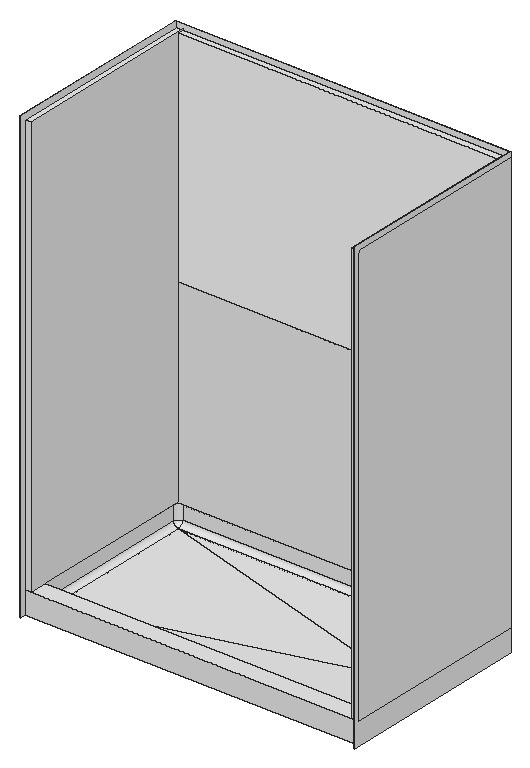
Revit family "5LBS6034FBSQ.V2 L-R", category Plumbing Fixtures, Revit 2019
Family settings
  Round Connector Dimension = Use Diameter
  Part Type = Normal
  OmniClass Number = 23.45.05.14.17
  OmniClass Title = Showers
  Work Plane-Based = No
  Always vertical = Yes
  Cut with Voids When Loaded = No
  Shared = No
  Room Calculation Point = No
Parameters (values of type "5LBS6034SQ.V2")
  Unit Width = 60"
  Unit Height = 80 1/2"
  Unit Depth = 35"
  URL = "http://www.bestbath.com/"
  Type Comments = "Remodeler"
  Model = "5LBS6034SQ.V2"
  Material [instance] = Best Bath Gelcoat Fiberglass - Smooth
  Manufacturer = "Best Bath Systems, Inc."
  Keynote = "22 40 00.B3"
  Description = "4 x 8 Subway Tile Finish"
  Assembly Code = "D2010710"
Reference planes (in)
  plane 1 "Back": y = -0.5
  plane 2: z = 0
  plane 3 "Left": x = 0
  plane 4: x = 60
  plane 5: z = 4
  plane 6: x = 51.5
  plane 7: y = 33.5
  plane 8: y = 17.5
  plane 9: x = 1.25
  plane 10: x = 58.75
  plane 11: y = 32.25
  plane 12: z = 0.625
  plane 13: z = 0.25
  plane 14: y = -1.5
  plane 15: z = 5
  plane 16: z = 39.5
  plane 17: z = 80.5
Forms (in)
  Extrusion 1, solid, material "Best Bath Gelcoat Fiberglass - Smooth"
    sketch origin (0, 0, 0) x (1, 0, 0) y (0, 1, 0)
      loop
        line (0, -0.5) -> (1.25, -0.5) -> (1.25, 31.25)
        arc (1.25, 31.25) -> (1.54289, 31.95711) -> (2.25, 32.25) r 1
        line (2.25, 32.25) -> (57.75, 32.25)
        arc (57.75, 32.25) -> (58.45711, 31.95711) -> (58.75, 31.25) r 1
        line (58.75, 31.25) -> (58.75, -0.5) -> (60, -0.5) -> (60, 33.5) -> (0, 33.5) -> (0, -0.5)
    from 0 to 4
  Extrusion 2, solid, material "Best Bath Gelcoat Fiberglass - Smooth"
    sketch origin (0, 0, 0) x (1, 0, 0) y (0, 1, 0)
      loop
        line (0, -0.5) -> (60, -0.5) -> (60, 33.5) -> (0, 33.5) -> (0, -0.5)
    from 0 to 0.625
  Sweep 3, solid, material "Best Bath Gelcoat Fiberglass - Smooth"
    path origin (0, 0, 0) x (1, 0, 0) y (0, 1, 0)
      loop
        line (58.75, -0.5) -> (58.75, 31.25)
        arc (58.75, 31.25) -> (58.45711, 31.95711) -> (57.75, 32.25) r 1
        line (57.75, 32.25) -> (2.25, 32.25)
        arc (2.25, 32.25) -> (1.54289, 31.95711) -> (1.25, 31.25) r 1
        line (1.25, 31.25) -> (1.25, -0.5)
    profile origin (1.25, 15.375, 0) x (1, 0, 0) y (0, 0, 1)
      loop
        line (0, 0.625) -> (0.9, 0.625)
        arc (0.9, 0.625) -> (0.2636, 0.8886) -> (0, 1.525) r 0.9
        line (0, 1.525) -> (0, 0.625)
  Blend 4, void
    base sketch origin (0, 0, 0) x (1, 0, 0) y (0, 1, 0)
      loop
        line (2.25, 3.5147) -> (57.75, 3.5147) -> (57.75, 31.25) -> (2.25, 31.25) -> (2.25, 3.5147)
    top sketch origin (0, 0, 0) x (1, 0, 0) y (0, 1, 0)
      loop
        circle (51.5, 17.5) r 0.10467
    from 0.625 to 0.25
  Sweep 5, solid, material "Best Bath Gelcoat Fiberglass - Smooth"
    path origin (0, 0, 0) x (1, 0, 0) y (0, 1, 0)
      loop
        line (1.25, -0.5) -> (58.75, -0.5)
    profile origin (30, -0.5, 0) x (0, 1, 0) y (0, 0, 1)
      loop
        line (0, 4) -> (0, 0) -> (4.11592, 0) -> (3.00305, 4) -> (0, 4)
  Extrusion 6, solid, material "Best Bath Gelcoat Fiberglass - Smooth"
    sketch origin (0, 0, 0) x (1, 0, 0) y (0, 1, 0)
      loop
        line (0, -1.5) -> (0.125, -1.5) -> (0.125, 33.375) -> (59.875, 33.375) -> (59.875, -1.5) -> (60, -1.5) -> (60, 33.5) -> (0, 33.5) -> (0, -1.5)
    from 5 to 80.5
  Extrusion 7, void
    sketch origin (0, 6, 0.625) x (0, 1, 0) y (1, 0, 0)
      loop
        line (15.5, 49) -> (15.5, 54) -> (7.5, 54) -> (7.5, 49) -> (15.5, 49)
    from 0 to 0.5
  Extrusion 8, void
    sketch origin (21.5, -2, 0.625) x (0, 1, 0) y (1, 0, 0)
      loop
        circle (19.5, 30) r 1.75
    from 0 to 1.25
  Extrusion 9, solid
    sketch origin (0.25, 2, 0.125) x (0, 1, 0) y (-1, 0, 0)
      loop
        line (19.5, -48.75) -> (11.5, -48.75) -> (11.5, -53.75) -> (19.5, -53.75) -> (19.5, -48.75)
    from 0 to 0.25
  Extrusion 10, solid, material "Best Bath Gelcoat Fiberglass - Smooth"
    sketch origin (0, -0.86165, 0) x (1, 0, 0) y (0, 1, 0)
      loop
        line (1.25, 34.36165) -> (1.25, 33.11165) -> (58.75, 33.11165) -> (58.75, 34.36165) -> (1.25, 34.36165)
    from 4 to 39.5
  Extrusion 11, solid, material "Best Bath Gelcoat Fiberglass - Smooth"
    sketch origin (0, -0.86165, 0) x (1, 0, 0) y (0, 1, 0)
      loop
        line (1.25, 34.36165) -> (1.25, 33.11165) -> (58.75, 33.11165) -> (58.75, 34.36165) -> (1.25, 34.36165)
    from 39.5 to 79.5
  Extrusion 12, solid, material "Best Bath Gelcoat Fiberglass - Smooth"
    sketch origin (0.25, -0.86165, 0) x (1, 0, 0) y (0, 1, 0)
      loop
        line (-0.25, 0.36165) -> (1, 0.36165) -> (1, 34.36165) -> (-0.25, 34.36165) -> (-0.25, 0.36165)
      loop
        line (59.75, 0.36165) -> (59.75, 34.36165) -> (58.5, 34.36165) -> (58.5, 0.36165) -> (59.75, 0.36165)
    from 4 to 79.5
  Extrusion 13, solid, material "Best Bath Gelcoat Fiberglass - Smooth"
    sketch origin (0, 0, 0) x (1, 0, 0) y (0, 1, 0)
      loop
        line (0, 33.5) -> (0, -1.5) -> (0.125, -1.5) -> (0.125, 33.375) -> (59.875, 33.375) -> (59.875, -1.5) -> (60, -1.5) -> (60, 33.5) -> (0, 33.5)
    from 0 to 5
Cuts and joins
  Blend 4, Extrusion 7, Extrusion 8 cuts Extrusion 1
  Blend 4, Extrusion 7, Extrusion 8 cuts Extrusion 2
  Blend 4, Extrusion 7, Extrusion 8 cuts Sweep 3
  Extrusion 7, Extrusion 8 cuts Sweep 5
  Extrusion 7, Extrusion 8 cuts Extrusion 6
  joined: Extrusion 1, Extrusion 2, Sweep 3, Sweep 5, Extrusion 6, Extrusion 13
Dimensions and locks (in)
  "Unit Width": plane 3 "Left" to plane 4
  locked: plane 7 to plane 11 at 1.25
  locked: plane 10 to plane 4 at 1.25
  locked: plane 3 "Left" to plane 9 at 1.25
  locked: plane 7 to plane 8 at 16
  locked: plane 12 to plane 13 at 0.375
  locked: plane 12 to level at 0.625
  locked: plane 14 to plane 1 "Back" at 1
  "Unit Depth": plane 7 to plane 14
  "Unit Height": plane 17 to level
  locked: plane 16 to plane 5 at 35.5
  locked: plane 6 to plane 4 at 8.5
  aligned and locked: level to plane 2
  aligned and locked: Sweep 3 to plane 12
  aligned and locked: Sweep 3 sketch curve to plane 12
  aligned and locked: Extrusion 2 to plane 12
  aligned and locked: plane 8 to Blend 4 sketch curve
  aligned and locked: plane 6 to Blend 4 sketch curve
  aligned and locked: Extrusion 2 to Blend 4
  aligned and locked: Blend 4 to plane 13
  aligned and locked: plane 5 to Extrusion 1
  aligned and locked: plane 5 to Sweep 5
  aligned and locked: Extrusion 9 to cut or joined group 1 (Extrusion 1, Extrusion 2, Sweep 3, Blend 4, Sweep 5, Extrusion 6, Extrusion 7, Extrusion 8, Extrusion 13)  (x3)
  aligned and locked: cut or joined group 1 to Extrusion 9
  aligned and locked: Extrusion 11 to Extrusion 10
  aligned and locked: Extrusion 13 to Extrusion 6
  aligned and locked: plane 17 to Extrusion 6
Automatic sketch dimensions
  Extrusion 1 sketch curve to plane 3 "Left" = 0"
  Extrusion 1 sketch curve to plane 9 = 0"
  Extrusion 1 sketch curve to plane 11 = 0"
  plane 1 "Back" to Extrusion 1 sketch curve = 0"  (x2)
  Extrusion 1 sketch curve to plane 10 = 0"
  Extrusion 1 sketch curve to plane 4 = 0"
  Extrusion 1 sketch curve to plane 7 = 0"
  plane 9 to Extrusion 1 sketch curve = 1"
  Extrusion 1 sketch curve to plane 10 = 1"
  Extrusion 2 sketch curve to plane 3 "Left" = 0"
  Extrusion 2 sketch curve to plane 4 = 0"
  plane 1 "Back" to Extrusion 2 sketch curve = 0"
  Extrusion 2 sketch curve to plane 7 = 0"
  plane 1 "Back" to Sweep 3 sketch curve = 0"  (x2)
  Sweep 3 sketch curve to plane 9 = 0"
  Sweep 3 sketch curve to plane 11 = 0"
  Sweep 3 sketch curve to plane 10 = 0"
  plane 9 to Sweep 3 sketch curve = 1"
  Sweep 3 sketch curve to Sweep 3 sketch curve = 1"
  profile plane to Sweep 3 sketch curve = 0"
  Sweep 3 sketch curve to profile plane = 0.9"
  plane 9 to Blend 4 sketch curve = 1"
  Blend 4 sketch curve to plane 10 = 1"
  Blend 4 sketch curve to plane 1 "Back" = 4.0147"
  Blend 4 sketch curve to plane 11 = 1"
  plane 1 "Back" to Sweep 5 sketch curve = 0"
  Sweep 5 sketch curve to plane 9 = 0"
  Sweep 5 sketch curve to plane 10 = 0"
  Sweep 5 sketch curve to level = 0"
  Sweep 5 sketch curve to profile plane = 0"
  Sweep 5 sketch curve to Sweep 5 sketch curve = 3.00305"
  Sweep 5 sketch curve to Sweep 5 sketch curve = 4.11592"
  level to Sweep 5 sketch curve = 4"
  Extrusion 6 sketch curve to plane 3 "Left" = 0"
  Extrusion 6 sketch curve to plane 14 = 0"  (x2)
  Extrusion 6 sketch curve to plane 4 = 0"
  Extrusion 6 sketch curve to plane 7 = 0"
  plane 3 "Left" to Extrusion 6 sketch curve = 1/8"
  plane 4 to Extrusion 6 sketch curve = 1/8"
  Extrusion 6 sketch curve to plane 7 = 1/8"
  Extrusion 7 sketch curve to Extrusion 2 = 14"
  Extrusion 7 sketch curve to Extrusion 7 sketch curve = 8"
  Extrusion 7 sketch curve to Extrusion 2 = 6"
  Extrusion 7 sketch curve to Extrusion 7 sketch curve = 5"
  Extrusion 8 sketch curve to Extrusion 2 = 8 1/2"
  Extrusion 8 sketch curve to Extrusion 2 = 16"
  Extrusion 9 sketch curve to Extrusion 7 = 0"  (x4)
  Extrusion 10 sketch curve to plane 9 = 0"
  Extrusion 10 sketch curve to plane 10 = 0"
  Extrusion 10 sketch curve to plane 11 = 0"
  Extrusion 10 sketch curve to plane 7 = 0"
  Extrusion 11 sketch curve to plane 9 = 0"
  Extrusion 11 sketch curve to plane 10 = 0"
  Extrusion 11 sketch curve to plane 11 = 0"
  Extrusion 11 sketch curve to plane 7 = 0"
  Extrusion 12 sketch curve to plane 3 "Left" = 0"
  plane 1 "Back" to Extrusion 12 sketch curve = 0"  (x2)
  Extrusion 12 sketch curve to plane 9 = 0"
  Extrusion 12 sketch curve to plane 7 = 0"  (x2)
  Extrusion 12 sketch curve to plane 10 = 0"
  Extrusion 12 sketch curve to plane 4 = 0"
  Extrusion 13 sketch curve to plane 3 "Left" = 0"
  Extrusion 13 sketch curve to plane 14 = 0"  (x2)
  Extrusion 13 sketch curve to plane 4 = 0"
  Extrusion 13 sketch curve to plane 7 = 0"
  plane 3 "Left" to Extrusion 13 sketch curve = 1/8"
  plane 4 to Extrusion 13 sketch curve = 1/8"
  Extrusion 13 sketch curve to plane 7 = 1/8"
  radius of Blend 4 sketch curve = 0.10467"
  radius of Extrusion 8 sketch curve = 1 3/4"
